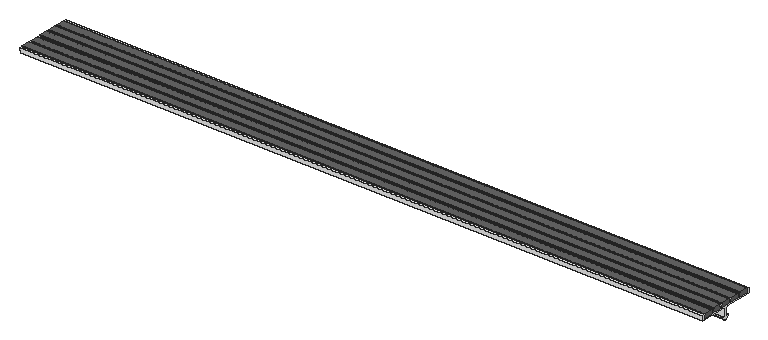
Revit family "Stair_Tread-Wooster-Supergrit_Safety_Treads-630A", category Specialty Equipment, host Face, Revit 2017
Family settings
  Host = Face
  Round Connector Dimension = Use Diameter
  Part Type = Normal
  OmniClass Number = 23.30.70.21.11.11.11
  OmniClass Title = Stair Nosings
  Cut with Voids When Loaded = No
  Shared = No
  Room Calculation Point = No
Parameters (values of type "630A")
  Width [instance] = 0' - 3"  # constant formula
  Version = "2017 - v2.0a"  # constant formula
  URL = "http://www.wooster-products.com/"
  Support Phone = "(224) 699-9545"  # constant formula
  Support Email = "mailto:support@anguleris.com"
  Safety Tread [instance] = Filler - Wooster - Black - Abrasive Filler
  Product Page URL = "http://www.woosterproducts.com/products/extruded-aluminum/supergrit/"
  Product Name = "Supergrit Nosings / Warning Strips"  # constant formula
  Product Documentation Link = "http://www.woosterproducts.com/spec/630A.pdf"
  Model = "630A"
  Material = ""
  Manufacturer Phone Number = "1-800-321-4936 or 330-264-2844"  # constant formula
  Manufacturer Fax Number = "330-262-4151"  # constant formula
  Manufacturer Email = "mailto:tim@wooster-products.com"
  Manufacturer Address = "1000 Spruce Street, P.O. BOX 6005, Wooster, OH. 44691"  # constant formula
  Manufacturer = "Wooster Productions Inc"  # constant formula
  Length Constraint [instance] = if(Length > 12' 0", 12' 0", Length)  # 3' - 0"
  Length [instance] = 3' - 0"
  Description = "Anti-Slip Stair Nosing"  # constant formula
  Depth = 0' - 0 1/4"  # constant formula
  Default Elevation = 0' - 0"  # constant formula
  Copyright = "Wooster Products Inc. 2019"  # constant formula
  Construction Type = "New Construction"  # constant formula
Reference planes (in)
  plane 1 "Center (Front/Back)": y = 0
  plane 2: z = 0
  plane 3 "Center (Left/Right)": x = 0
  plane 4 "Left": x = -18
  plane 5 "Right": x = 18
  plane 6 "Back": y = 1.5
  plane 7 "Front": y = -1.5
  plane 8 "Bottom": z = -0.23437
  plane 9: z = 0.01562
Forms (in)
  Sweep 1, void
    path origin (0, 2.23594, 0.01562) x (-1, 0, 0) y (0, -1, 0)
      loop
        line (18, 0.73594) -> (-18, 0.73594)
    profile "Void : Void" origin (0, 1.5, 0.01562) x (0, 1, 0) y (0, 0, 1)
      loop
        line (0, 0) -> (-3, 0) -> (-3, -0.25) -> (0, -0.25) -> (0, 0)
  Sweep 2, solid, material "Metal - Wooster - Extruded Aluminum"
    path origin (0, 2.23594, 0.01562) x (-1, 0, 0) y (0, -1, 0)
      loop
        line (18, 0.73594) -> (-18, 0.73594)
    profile "Aluminum Base : Aluminum Base" origin (0, 1.5, 0.01562) x (0, 1, 0) y (0, 0, 1)
      loop
        line (0, 0) -> (-0.12551, 0) -> (-0.10489, -0.187) -> (-0.58699, -0.18667) -> (-0.56397, 0) -> (-0.70311, 0) -> (-0.68249, -0.187) -> (-1.16463, -0.187) -> (-1.14157, 0) -> (-1.28071, 0) -> (-1.26009, -0.187) -> (-1.74223, -0.187) -> (-1.71917, 0) -> (-1.85831, 0) -> (-1.83769, -0.187) -> (-2.31983, -0.187) -> (-2.29677, 0) -> (-2.43591, 0) -> (-2.41529, -0.187) -> (-2.89743, -0.187) -> (-2.87437, 0) -> (-3, 0) -> (-3, -0.25) -> (-1.59375, -0.25)
        arc (-1.59375, -0.25) -> (-1.54955, -0.2683) -> (-1.53125, -0.3125) r 0.0625
        line (-1.53125, -0.3125) -> (-1.53125, -0.76968) -> (-1.65625, -0.66974) -> (-1.65625, -0.74605) -> (-1.5, -0.87513) -> (-1.34375, -0.74605) -> (-1.34375, -0.66974) -> (-1.46875, -0.76969) -> (-1.46875, -0.31251)
        arc (-1.46875, -0.31251) -> (-1.45044, -0.26831) -> (-1.40624, -0.25) r 0.06251
        line (-1.40624, -0.25) -> (0, -0.25) -> (0, 0)
  Sweep 3, solid, material "Filler - Wooster - Black - Abrasive Filler" <- "Safety Tread"
    path origin (0, 2.23594, 0.01562) x (-1, 0, 0) y (0, -1, 0)
      loop
        line (18, 0.73594) -> (-18, 0.73594)
    profile "Abrasive Filler : Abrasive Filler" origin (0, 1.5, 0.01562) x (0, 1, 0) y (0, 0, 1)
      loop
        line (-0.10489, -0.187) -> (-0.12448, -0.00929) -> (-0.12448, 0.03125) -> (-0.56503, 0.03125) -> (-0.56512, -0.00929) -> (-0.58699, -0.18667) -> (-0.10489, -0.187)
      loop
        line (-0.70209, 0.03125) -> (-1.14272, 0.03125) -> (-1.14272, -0.00929) -> (-1.16463, -0.187) -> (-0.68249, -0.187) -> (-0.70209, -0.00929) -> (-0.70209, 0.03125)
      loop
        line (-1.26009, -0.187) -> (-1.27968, -0.00929) -> (-1.27968, 0.03125) -> (-1.72032, 0.03125) -> (-1.72032, -0.00929) -> (-1.74223, -0.187) -> (-1.26009, -0.187)
      loop
        line (-2.29792, -0.00929) -> (-2.31983, -0.187) -> (-1.83769, -0.187) -> (-1.85729, -0.00929) -> (-1.85729, 0.03125) -> (-2.29792, 0.03125) -> (-2.29792, -0.00929)
      loop
        line (-2.89743, -0.187) -> (-2.41529, -0.187) -> (-2.43489, -0.00929) -> (-2.43489, 0.03125) -> (-2.87552, 0.03125) -> (-2.87552, -0.00929) -> (-2.89743, -0.187)
Lines and regions (in)
  Masking region 1
    outline origin (0, 0, 0) x (1, 0, 0) y (0, 1, 0)
      loop
        line (-18, 1.5) -> (-18, -1.5) -> (18, -1.5) -> (18, 1.5) -> (-18, 1.5)
Dimensions and locks (in)
  equal spacing: plane 4 "Left", plane 3 "Center (Left/Right)", plane 5 "Right"
  "Length Constraint": plane 4 "Left" to plane 5 "Right"
  equal spacing: plane 7 "Front", plane 1 "Center (Front/Back)", plane 6 "Back"
  "Width": plane 7 "Front" to plane 6 "Back"
  locked: plane 8 "Bottom" to plane 9 at 0.25
  aligned and locked: plane 2 to host face
  aligned and locked: level to host face
  aligned and locked: plane 4 "Left" to Sweep 1 sketch curve
  aligned and locked: plane 5 "Right" to Sweep 1 sketch curve
  aligned and locked: Sweep 1 sketch curve to plane 6 "Back"
  aligned and locked: plane 4 "Left" to Sweep 2 sketch curve
  aligned and locked: plane 5 "Right" to Sweep 2 sketch curve
  aligned and locked: Sweep 2 sketch curve to plane 6 "Back"
  aligned and locked: plane 4 "Left" to Sweep 3 sketch curve
  aligned and locked: plane 5 "Right" to Sweep 3 sketch curve
  aligned and locked: Sweep 3 sketch curve to plane 6 "Back"
  aligned and locked: plane 4 "Left" to Masking region 1 sketch curve
  aligned and locked: Masking region 1 sketch curve to plane 6 "Back"
  aligned and locked: Masking region 1 sketch curve to plane 7 "Front"
  aligned and locked: plane 5 "Right" to Masking region 1 sketch curve
Automatic sketch dimensions
  host sketch curve to host sketch curve = 8' - 0"
  host sketch curve to host sketch curve = 4' - 0"
